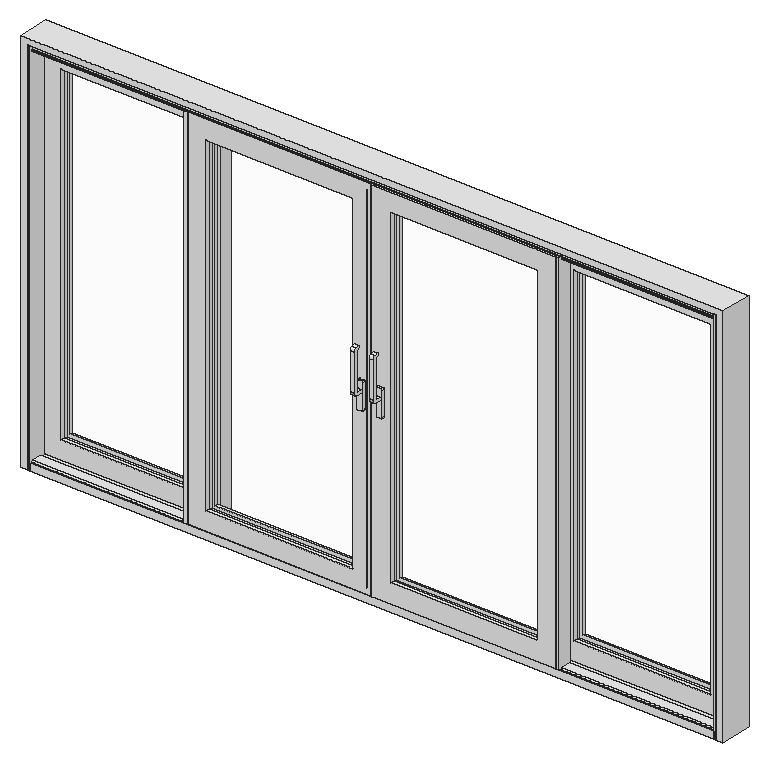
Revit family "heroal S 77 Sliding Door - 4-Parts - C", category Türen, Revit 2017
Family settings
  Basisbauteil = Wand
  OmniClass-Nummer = 23.30.10.00
  OmniClass-Titel = Doors
  Immer vertikal = Ja
  Beim Laden mit Abzugskörper schneiden = Nein
  Gemeinsam genutzt = Nein
  Raumberechnungspunkt = Ja
Parameters (values of type "4000x2200")
  Wind Load Resistance DIN EN 12210 = "C3/B3"
  Wall Thickness [instance] = 350 mm
  URL = "http://www.heroal.com"
  Tightness Against Driving Rain DIN EN 12208 = "9A"
  Soundproofing Class DIN EN ISO 717-1 = "1-3"
  Show Insulation in Detail Level Fine [instance] = yes
  Rough Width = Breite  # 4000 mm
  Rough Height = Height  # 2200 mm
  Reveal Top = 20 mm
  Reveal Right = 20 mm
  Reveal Left = 20 mm
  Profile View Width - Frame Profiles = "40 - 63mm"
  Profile View Width - Cross Bar Profiles = "74 - 104mm"
  Profile View Width - Casement Profiles = "94 - 104mm"
  Profile Installation Depth - Frame Profiles = "178/279mm"
  Profile Installation Depth - Cross Bar Profiles = "72mm"
  Profile Installation Depth - Casement Profiles = "77mm"
  Profile Area [instance] = (Breite - 20 mm) * (Height - 10 mm) - Glazing Area  # 2.6524 m²
  Modell = "heroal S 77"  # constant formula
  Max. Thickness Of Glass/Infill Panel = "52mm"
  Max. Casement Weight = "150 - 400kg"
  Max. Casement Leaf Height = "3000mm"
  Hersteller = "heroal"  # constant formula
  Leaf Width Center = Breite / 4 + 52.5 mm  # 1052.5 mm
  Leaf Width = Breite / 4  # 1000 mm
  Insert Depth [instance] = 125 mm
  Height = 2200 mm
  Wandabschluss = Nach Basisbauteil
  Breite = 4000 mm
  Heat Insulation [Uw in W/m2K] DIN EN ISO 10077-1 = "> 1,1 W/m²K"
  Heat Insulation [Uf in W/m2K]/Standard Profile View DIN EN ISO 10077 = "> 2,9 W/m²K"
  Heat Insulation [Uf in W/m2K] DIN EN ISO 10077 = "> 2,9 W/m²K"
  Glazing Area [instance] = (Breite - 778 mm) * (Height - 318 mm)  # 6.0638 m²
  Glass = heroal Glass
  Edition number = 1
  Door Interior [instance] = heroal Aluminium
  Door Exterior [instance] = heroal Aluminium
  Beschreibung = "heroal S 77 Sliding Systems"  # constant formula
  Copyright = "© heroal. Technical changes reserved."  # constant formula
  Clearance Width [instance] = Breite / 2 - 124 mm  # 1876 mm
  Clearance Height [instance] = Height - 161 mm  # 2039 mm
  Calculated U-Value (W/m²K) [instance] = ((Profile Area / 1.00 m² * 2.14 m²) + (Glazing Area / 1.00 m² * 0.70 m²) + (20.50 m² * 0.04)) / (Profile Area + Glazing Area)  # 1.2323
  Burglary Resistance DIN V ENV 1627 = "up to RC 2"
  Baugruppenkennzeichen = "B2030110"
  Analytische Konstruktion = "<None>"
  Air Permeability DIN EN 12207 = "4"
Reference planes
  plane 1 "Center (Front/Back)": y = 0
  plane 2 "Center (Left/Right)": x = 0
  plane 3 "Left": x = -2000
  plane 4 "Right": x = 2000
  plane 5 "Sill": z = 0
  plane 6 "Head": z = 2200
  plane 7 "Exterior": y = 175
  plane 8 "Interior": y = -175
  plane 9: x = -1980
  plane 10: x = 1980
  plane 11 "Frame Exterior": y = 50
  plane 12: z = 2180
  plane 13 "Center (Elevation)": z = 1100
  plane 14 "Top Frame": z = 2190
  plane 15: z = -200
  plane 16: x = -1841
  plane 17 "Glass 1": x = -1859
  plane 18 "Glass 2": x = -1044
  plane 19: x = -1062
  plane 20: x = -938
  plane 21 "Glass 3": x = -956
  plane 22: x = 1841
  plane 23 "Glass 4": x = 1859
  plane 24 "Glass Back 1": y = 35.5
  plane 25 "Glass Front 1": y = -4.5
  plane 26 "Glass Back 2": y = -65.5
  plane 27 "Glass Front 2": y = -105.5
  plane 28 "Glass Bottom": z = 130
  plane 29 "Glass Top": z = 2048
  plane 30 "Door Right": y = -51
  plane 31: x = 1935
  plane 32: x = -1935
  plane 33: x = 500
  plane 34 "Handle": x = 54
  plane 35 "Handlle Edge": y = -128
  plane 36: z = 1050
  plane 37: x = -1990
  plane 38: x = 1990
  plane 39: x = -1000
  plane 40: x = 1000
  plane 41: x = -1500
  plane 42: x = -500
  plane 43: x = 1500
  plane 44: y = 35.5
  plane 45: y = -4.5
  plane 46: y = -65.5
  plane 47: y = -105.5
  plane 48: y = -85.5
  plane 49: y = 15.5
  plane 50: y = -27
  plane 51: x = 956
  plane 52: x = 938
  plane 53: x = 1062
  plane 54: x = 1044
  plane 55: y = -128
  plane 56: x = -88.5
  plane 57: x = -106.5
  plane 58: x = 88.5
  plane 59: x = 106.5
  plane 60: y = -228
  plane 61: x = -54
  plane 62: x = -1451.5
  plane 63: x = 1451.5
  plane 64: x = 522.25
  plane 65: x = -522.25
Forms (mm)
  Extrusion 1, void
    sketch origin (0, 0, 0) x (1, 0, 0) y (0, 1, 0)
      loop
        line (-2000, -675) -> (2000, -675) -> (2000, 50) -> (-2000, 50) -> (-2000, -675)
    from -200 to 2200
  Extrusion 2, void
    sketch origin (0, 0, 0) x (1, 0, 0) y (0, 1, 0)
      loop
        line (-1980, 675) -> (-1980, 50) -> (1980, 50) -> (1980, 675) -> (-1980, 675)
    from 0 to 2180
  Sweep 3, solid, material "heroal Aluminium" <- "Door Interior"
    path origin (0, 50, 0) x (-1, 0, 0) y (0, 0, 1)
      loop
        line (-2000, 0) -> (-2000, 2190)
    profile "heroal_Profile_Frame : heroal_Profile_Frame" origin (2000, 50, 1095) x (1, 0, 0) y (0, 1, 0)
      loop
        line (-10, 0) -> (-50, 0) -> (-50, -178) -> (-10, -178) -> (-10, 0)
  Sweep 4, solid, material "heroal Aluminium"
    path origin (0, 0, 0) x (0, -1, 0) y (1, 0, 0)
      loop
        line (-50, -1935) -> (-50, 1935)
    profile "heroal_Profile_Bottom : heroal_Profile_Bottom" origin (0, 50, 0) x (0, 1, 0) y (0, 0, 1)
      loop
        line (0, 32.99) -> (-95, 38.8) -> (-109.002, 38.8) -> (-109.002, 44.004) -> (-111.912, 52) -> (-167.088, 52) -> (-169.955, 44.124) -> (-169.955, 39) -> (-178, 39) -> (-178, 0) -> (0, 0) -> (0, 32.99)
  Sweep 5, solid, material "heroal Aluminium" <- "Door Interior"
    path origin (0, 50, 0) x (-1, 0, 0) y (0, 0, 1)
      loop
        line (2000, 2155) -> (2000, 0)
    profile "heroal_Profile_Sided_Cover : heroal_Profile_Sided_Cover" origin (-2000, 50, 1077.5) x (-1, 0, 0) y (0, 1, 0)
      loop
        line (-65, -81) -> (-65, -178) -> (-50, -178) -> (-50, -81) -> (-65, -81)
  Sweep 6, solid, material "heroal Aluminium" <- "Door Interior"
    path origin (0, 50, 0) x (1, 0, 0) y (0, 0, 1)
      loop
        line (2000, 2155) -> (2000, 0)
    profile "heroal_Profile_Sided_Cover : heroal_Profile_Sided_Cover" origin (2000, 50, 1077.5) x (-1, 0, 0) y (0, 1, 0)
      loop
        line (65, -81) -> (50, -81) -> (50, -178) -> (65, -178) -> (65, -81)
  Sweep 7, solid, material "heroal Aluminium" <- "Door Exterior"
    path origin (0, 50, 0) x (-1, 0, 0) y (0, 0, 1)
      loop
        line (-938, 2200) -> (938, 2200)
    profile "heroal_Profile_Top_Cover : heroal_Profile_Top_Cover" origin (0, 50, 2200) x (0, 0, 1) y (0, 1, 0)
      loop
        line (-61, 0) -> (-109, 0) -> (-109, -95.1) -> (-50, -95.1) -> (-50, -15.3) -> (-61, -15.3) -> (-61, 0)
  Sweep 8, solid, material "heroal Aluminium" <- "Door Interior"
    path origin (0, 50, 0) x (1, 0, 0) y (0, 0, 1)
      loop
        line (-2000, 0) -> (-2000, 2190)
    profile "heroal_Profile_Frame : heroal_Profile_Frame" origin (-2000, 50, 1095) x (1, 0, 0) y (0, 1, 0)
      loop
        line (10, 0) -> (10, -178) -> (50, -178) -> (50, 0) -> (10, 0)
  Sweep 9, solid, material "heroal Aluminium" <- "Door Interior"
    path origin (0, 50, 0) x (-1, 0, 0) y (0, 0, 1)
      loop
        line (-1990, 2200) -> (1990, 2200)
    profile "heroal_Profile_Frame_Top : heroal_Profile_Frame_Top" origin (0, 50, 2200) x (0, 0, 1) y (0, 1, 0)
      loop
        line (-10, -178) -> (-10, 0) -> (-45, 0) -> (-45, -15.3) -> (-64.279, -15.3) -> (-68.168, -8.564) -> (-73, -7.712) -> (-73, -54) -> (-43.2, -54) -> (-43.2, -52.5) -> (-42, -52.5) -> (-37, -55.387) -> (-37, -122.613) -> (-42, -125.5) -> (-43.2, -125.5) -> (-43.2, -123.999) -> (-73, -124) -> (-73, -170.288) -> (-68.168, -169.436) -> (-64.279, -162.7) -> (-45, -162.7) -> (-45, -178) -> (-10, -178)
Cuts and joins
  joined: Sweep 3, Sweep 8, Sweep 9
Lines and regions (mm)
  Masking region 1
    outline origin (0, 0, 0) x (0, -1, 0) y (1, 0, 0)
      loop
        line (-35.5, -1859) -> (4.5, -1859) -> (4.5, -1044) -> (-35.5, -1044) -> (-35.5, -1859)
      loop
        line (-35.5, 1859) -> (-35.5, 1044) -> (4.5, 1044) -> (4.5, 1859) -> (-35.5, 1859)
      loop
        line (65.5, -956) -> (105.5, -956) -> (105.5, -88.5) -> (65.5, -88.5) -> (65.5, -956)
      loop
        line (65.5, 956) -> (65.5, 88.5) -> (105.5, 88.5) -> (105.5, 956) -> (65.5, 956)
  Masking region 2
    outline origin (0, 0, 0) x (0, -1, 0) y (1, 0, 0)
      loop
        line (27, -1935) -> (128, -1935) -> (128, -1062) -> (27, -1062) -> (27, -1935)
      loop
        line (27, 1935) -> (27, 1062) -> (128, 1062) -> (128, 1935) -> (27, 1935)
      loop
        line (-50, -938) -> (51, -938) -> (51, 938) -> (-50, 938) -> (-50, -938)
  symbolic lines, detail levels medium+fine
    curve 1: line (1044, 15.5, 0) -> (1859, 15.5, 0)
    curve 2: line (-1044, 15.5, 0) -> (-1859, 15.5, 0)
    curve 5: line (-88.5, -85.5, 0) -> (-956, -85.5, 0)
    curve 6: line (88.5, -85.5, 0) -> (956, -85.5, 0)
  symbolic lines
    curve 3: line (-938, -128, 0) -> (938, -128, 0)
    curve 4: line (-1062, 50, 0) -> (-1841, 50, 0)
    curve 7: line (1062, 50, 0) -> (1841, 50, 0)
Text (mm)
  text "EXTERIOR" at (-1963.203, 1332.353, 0), in view "Ref. Level"
  text "INTERIOR" at (-1981.466, -818.386, 0), in view "Ref. Level"
  text "Exterior" at (0, 923.751, 2943.296), in view "Right"
  text "Exterior" at (0, 1040.484, 2685.409), in view "Left"
Dimensions and locks
  equal spacing: plane 3 "Left", plane 2 "Center (Left/Right)", plane 4 "Right"
  "Breite": plane 3 "Left" to plane 4 "Right"
  "Height": plane 5 "Sill" to plane 6 "Head"
  locked: plane 7 "Exterior" to host wall at 0
  locked: plane 8 "Interior" to host wall
  "Insert Depth": plane 11 "Frame Exterior" to plane 7 "Exterior"
  "Reveal Top": plane 12 to plane 6 "Head"
  Extrusion 1 sketch curve to plane 8 "Interior" = 500 mm
  locked: plane 7 "Exterior" to Extrusion 2 sketch curve at 500
  "Reveal Left": plane 3 "Left" to plane 9
  "Reveal Right": plane 10 to plane 4 "Right"
  locked: plane 14 "Top Frame" to plane 6 "Head" at 10
  equal spacing: plane 5 "Sill", plane 13 "Center (Elevation)", plane 6 "Head"
  "Wall Thickness": host wall to host wall
  plane 15 to plane 5 "Sill" = 200 mm
  plane 22 to plane 23 "Glass 4" to plane 4 "Right" = 18 mm locked, 141 mm locked
  plane 3 "Left" to plane 17 "Glass 1" to plane 16 = 141 mm locked, 18 mm locked
  locked: plane 29 "Glass Top" to plane 6 "Head" at 152
  locked: plane 3 "Left" to plane 32 at 65
  locked: plane 31 to plane 4 "Right" at 65
  plane 29 "Glass Top" to plane 28 "Glass Bottom" = 1918 mm
  plane 5 "Sill" to plane 28 "Glass Bottom" = 130 mm
  locked: plane 36 to plane 5 "Sill" at 1050
  locked: plane 3 "Left" to plane 37 at 10
  locked: plane 38 to plane 4 "Right" at 10
  equal spacing: plane 3 "Left", plane 39, plane 2 "Center (Left/Right)"
  equal spacing: plane 2 "Center (Left/Right)", plane 40, plane 4 "Right"
  equal spacing: plane 3 "Left", plane 41, plane 39
  equal spacing: plane 39, plane 42, plane 2 "Center (Left/Right)"
  equal spacing: plane 2 "Center (Left/Right)", plane 33, plane 40
  equal spacing: plane 40, plane 43, plane 4 "Right"
  plane 11 "Frame Exterior" to plane 44 to plane 49 to plane 45 to plane 50 to plane 30 "Door Right" to plane 46 to plane 26 "Glass Back 2" to plane 48 to plane 47 to plane 27 "Glass Front 2" to plane 55 to plane 60 = 14.5 mm locked, 20 mm locked, 20 mm locked, 22.5 mm locked, 24 mm locked, 14.5 mm locked, 0 mm locked, 20 mm locked, 20 mm locked, 0 mm locked, 22.5 mm locked, 100 mm locked
  plane 19 to plane 18 "Glass 2" to plane 39 to plane 21 "Glass 3" to plane 20 = 18 mm locked, 44 mm locked, 44 mm locked, 18 mm locked
  plane 52 to plane 51 to plane 40 to plane 54 to plane 53 = 18 mm locked, 44 mm locked, 44 mm locked, 18 mm locked
  plane 57 to plane 56 to plane 2 "Center (Left/Right)" to plane 58 to plane 59 = 18 mm locked, 88.5 mm locked, 88.5 mm locked, 18 mm locked
  locked: plane 41 to plane 62 at 48.5
  locked: plane 63 to plane 43 at 48.5
  locked: plane 33 to plane 64 at 22.25
  locked: plane 65 to plane 42 at 22.25
  aligned and locked: Extrusion 1 sketch curve to plane 3 "Left"
  aligned and locked: plane 4 "Right" to Extrusion 1 sketch curve
  aligned and locked: Extrusion 1 sketch curve to plane 11 "Frame Exterior"
  aligned: Extrusion 1 to plane 12
  aligned and locked: plane 11 "Frame Exterior" to Extrusion 2 sketch curve
  aligned and locked: plane 9 to Extrusion 2 sketch curve
  aligned and locked: Extrusion 2 sketch curve to plane 10
  aligned and locked: Extrusion 2 to plane 12
  aligned and locked: plane 5 "Sill" to Extrusion 2
  aligned and locked: Extrusion 1 to plane 6 "Head"
  aligned and locked: nested 1 to plane 11 "Frame Exterior"
  aligned and locked: nested 1 to plane 3 "Left"
  aligned and locked: plane 4 "Right" to Sweep 3 sketch curve
  aligned and locked: plane 11 "Frame Exterior" to nested 2
  aligned and locked: plane 11 "Frame Exterior" to Sweep 4 sketch curve
  aligned and locked: plane 32 to Sweep 4 sketch curve
  aligned and locked: plane 31 to Sweep 4 sketch curve
  aligned and locked: plane 5 "Sill" to Sweep 5 sketch curve
  aligned and locked: plane 3 "Left" to Sweep 5 sketch curve
  aligned and locked: plane 32 to Masking region 2 sketch curve
  aligned and locked: Masking region 2 sketch curve to plane 19
  aligned and locked: plane 6 "Head" to Sweep 7 sketch curve
  aligned and locked: plane 34 "Handle" to nested 3
  aligned and locked: plane 36 to nested 3
  aligned and locked: plane 5 "Sill" to Sweep 3 sketch curve
  aligned and locked: plane 5 "Sill" to Sweep 8 sketch curve
  aligned and locked: plane 14 "Top Frame" to Sweep 8 sketch curve
  aligned and locked: plane 14 "Top Frame" to Sweep 3 sketch curve
  aligned and locked: plane 37 to Sweep 9 sketch curve
  aligned and locked: plane 38 to Sweep 9 sketch curve
  aligned and locked: plane 6 "Head" to Sweep 9 sketch curve
  aligned and locked: nested 5 to plane 11 "Frame Exterior"
  aligned and locked: plane 6 "Head" to nested 5
  aligned and locked: nested 6 to plane 4 "Right"
  aligned and locked: plane 11 "Frame Exterior" to nested 6
  aligned and locked: Masking region 1 sketch curve to plane 44
  aligned and locked: plane 45 to Masking region 1 sketch curve
  aligned and locked: curve 1 to plane 49
  aligned and locked: plane 49 to curve 2
  aligned and locked: nested 2 to plane 39
  aligned and locked: nested 7 to plane 11 "Frame Exterior"
  aligned and locked: nested 7 to plane 40
  aligned and locked: nested 7 to curve 1
  aligned and locked: Masking region 1 sketch curve to plane 54
  aligned and locked: Masking region 1 sketch curve to plane 23 "Glass 4"
  aligned and locked: plane 44 to Masking region 1 sketch curve
  aligned and locked: Masking region 1 sketch curve to plane 45
  aligned and locked: Masking region 2 sketch curve to plane 53
  aligned and locked: plane 31 to Masking region 2 sketch curve
  aligned and locked: plane 50 to Masking region 2 sketch curve
  aligned and locked: Sweep 4 to curve 3
  aligned and locked: plane 20 to curve 3
  aligned and locked: plane 52 to curve 3
  aligned and locked: Masking region 2 sketch curve to plane 55
  aligned and locked: plane 55 to Masking region 2 sketch curve
  aligned and locked: plane 2 "Center (Left/Right)" to nested 8
  aligned and locked: plane 2 "Center (Left/Right)" to nested 9
  aligned and locked: plane 30 "Door Right" to nested 8
  aligned and locked: nested 9 to plane 30 "Door Right"
  aligned and locked: plane 21 "Glass 3" to Masking region 1 sketch curve
  aligned and locked: Masking region 1 sketch curve to plane 56
  aligned and locked: plane 58 to Masking region 1 sketch curve
  aligned and locked: plane 51 to Masking region 1 sketch curve
  aligned and locked: plane 26 "Glass Back 2" to Masking region 1 sketch curve
  aligned and locked: Masking region 1 sketch curve to plane 27 "Glass Front 2"
  aligned and locked: Masking region 1 sketch curve to plane 26 "Glass Back 2"
  aligned and locked: plane 27 "Glass Front 2" to Masking region 1 sketch curve
  aligned and locked: plane 56 to curve 5
  aligned and locked: plane 21 "Glass 3" to curve 5
  aligned and locked: plane 51 to curve 6
  aligned and locked: plane 58 to curve 6
  aligned and locked: plane 20 to Masking region 2 sketch curve
  aligned and locked: Masking region 2 sketch curve to plane 52
  aligned and locked: plane 30 "Door Right" to Masking region 2 sketch curve
  aligned and locked: Masking region 2 sketch curve to plane 11 "Frame Exterior"
  aligned and locked: nested 10 to plane 61
  aligned and locked: plane 36 to nested 10
  aligned and locked: nested 4 to plane 62
  aligned and locked: plane 11 "Frame Exterior" to nested 4
  aligned and locked: nested 11 to plane 63
  aligned and locked: nested 11 to plane 11 "Frame Exterior"
  aligned and locked: plane 65 to nested 13
  aligned and locked: plane 64 to nested 12
  aligned and locked: plane 30 "Door Right" to nested 12
  aligned and locked: nested 13 to plane 30 "Door Right"
  aligned and locked: nested 3 to plane 55
  aligned and locked: nested 10 to plane 55
  aligned and locked: plane 42 to nested 15
  aligned and locked: nested 14 to plane 33
  aligned and locked: nested 14 to plane 60
  aligned and locked: plane 60 to nested 15
  aligned and locked: plane 42 to nested 17
  aligned and locked: plane 13 "Center (Elevation)" to nested 17
  aligned and locked: nested 16 to plane 13 "Center (Elevation)"
  aligned and locked: nested 16 to plane 33
  aligned and locked: plane 20 to Sweep 7 sketch curve
  aligned and locked: plane 52 to Sweep 7 sketch curve
  aligned and locked: cut or joined group of Sweep 3, Sweep 8, Sweep 9 to Sweep 6 sketch curve
  aligned and locked: Sweep 5 sketch curve to cut or joined group of Sweep 3, Sweep 8, Sweep 9
Automatic sketch dimensions
  plane 3 "Left" to Sweep 8 sketch curve = 0 mm
  Masking region 1 sketch curve to plane 17 "Glass 1" = 0 mm
  Masking region 1 sketch curve to plane 18 "Glass 2" = 0 mm
  Masking region 2 sketch curve to plane 50 = 0 mm
  Sweep 6 sketch curve to level = 0 mm
  plane 4 "Right" to Sweep 6 sketch curve = 0 mm
  curve 7 to plane 22 = 0 mm
  curve 4 to plane 16 = 0 mm
  curve 7 to plane 11 "Frame Exterior" = 0 mm
  curve 4 to plane 11 "Frame Exterior" = 0 mm
  curve 5 to plane 48 = 0 mm
  curve 6 to plane 48 = 0 mm
  curve 2 to plane 17 "Glass 1" = 0 mm
  curve 4 to plane 19 = 0 mm
  curve 2 to plane 18 "Glass 2" = 0 mm
  curve 1 to plane 23 "Glass 4" = 0 mm
  plane 11 "Frame Exterior" to curve 4 = 0 mm
  plane 11 "Frame Exterior" to curve 7 = 0 mm
  curve 7 to plane 53 = 0 mm
Nested families
  nested 1: "heroal_Detail_Frame_Left" at (-2000, 50, 0), type "heroal_Detail_Frame_Left"
  nested 2: "heroal_Detail_Frame_Center" at (-1000, 50, 0) x (1, 0, 0) z (0, 0, -1), type "heroal_Detail_Frame_Center"
  nested 3: "heroal_Handle" at (54, -128, 1050), type "heroal_Handle"
  nested 4: "Leaf" at (-1403, -27, 0) x (-1, 0, 0) z (0, 0, 1), Breite <- "Leaf Width", Height <- "Height", Door Exterior <- "Door Exterior", Door Interior <- "Door Interior", Glass <- "Glass", Show Insulation <- "Show Insulation in Detail Level Fine", type "Leaf"
    with Breite 1000 mm, Show Insulation yes, Interior no, Height 2200 mm, Glass heroal Glass, Fixed Glazing yes, Exterior yes, Door Interior heroal Aluminium, Door Exterior heroal Aluminium, Door no
  nested 5: "heroal_Detail_Frame_Top" at (0, 50, 2200) x (0, -1, 0) z (-1, 0, 0), type "heroal_Detail_Frame_Top"
  nested 6: "heroal_Detail_Frame_Left" at (2000, 50, 0) x (-1, 0, 0) z (0, 0, 1), type "heroal_Detail_Frame_Left"
  nested 7: "heroal_Detail_Frame_Center" at (1000, 50, 0) x (-1, 0, 0) z (0, 0, -1), type "heroal_Detail_Frame_Center"
  nested 8: "heroal_Detail_Frame_Leaf" at (-54.5, -51, 0) x (1, 0, 0) z (0, 0, -1), type "heroal_Detail_Frame_Leaf"
  nested 9: "heroal_Detail_Frame_Leaf" at (54.5, -51, 0) x (-1, 0, 0) z (0, 0, -1), type "heroal_Detail_Frame_Leaf"
  nested 10: "heroal_Handle" at (-54, -128, 1050), type "heroal_Handle"
  nested 11: "Leaf" at (1403, -27, 0), Breite <- "Leaf Width", Height <- "Height", Door Exterior <- "Door Exterior", Door Interior <- "Door Interior", Glass <- "Glass", Show Insulation <- "Show Insulation in Detail Level Fine", type "Leaf"
    with Breite 1000 mm, Show Insulation yes, Interior no, Height 2200 mm, Glass heroal Glass, Fixed Glazing yes, Exterior yes, Door Interior heroal Aluminium, Door Exterior heroal Aluminium, Door no
  nested 12: "Leaf" at (570.75, -128, 0) x (-1, 0, 0) z (0, 0, 1), Breite <- "Leaf Width Center", Height <- "Height", Door Exterior <- "Door Exterior", Door Interior <- "Door Interior", Glass <- "Glass", Show Insulation <- "Show Insulation in Detail Level Fine", type "Leaf"
    with Breite 1052.5 mm, Show Insulation yes, Interior yes, Height 2200 mm, Glass heroal Glass, Fixed Glazing no, Exterior no, Door Interior heroal Aluminium, Door Exterior heroal Aluminium, Door yes
  nested 13: "Leaf" at (-570.75, -128, 0), Breite <- "Leaf Width Center", Height <- "Height", Door Exterior <- "Door Exterior", Door Interior <- "Door Interior", Glass <- "Glass", Show Insulation <- "Show Insulation in Detail Level Fine", type "Leaf"
    with Breite 1052.5 mm, Show Insulation yes, Interior yes, Height 2200 mm, Glass heroal Glass, Fixed Glazing no, Exterior no, Door Interior heroal Aluminium, Door Exterior heroal Aluminium, Door yes
  nested 14: "heroal_Detail_Arrow" at (500, -228, 0) x (-1, 0, 0) z (0, 0, -1), type "heroal_Detail_Arrow"
    with Fixed no, Arrow yes
  nested 15: "heroal_Detail_Arrow" at (-500, -228, 0) x (1, 0, 0) z (0, 0, -1), type "heroal_Detail_Arrow"
    with Fixed no, Arrow yes
  nested 16: "heroal_Detail_Arrow" at (500, 50, 1100) x (-1, 0, 0) z (0, 1, 0), type "heroal_Detail_Arrow"
    with Fixed no, Arrow yes
  nested 17: "heroal_Detail_Arrow" at (-500, 50, 1100) x (1, 0, 0) z (0, 1, 0), type "heroal_Detail_Arrow"
    with Fixed no, Arrow yes
Definition of nested family "heroal_Handle"
  Parameters (values of type "heroal_Handle")
    Assembly Code = ""
  Reference planes
    plane 1 "Center (Front/Back)": y = 0
    plane 2: z = 0
    plane 3 "Center (Left/Right)": x = 0
    plane 4 "Back": y = 77
  Forms (mm)
    Sweep 1, solid
      path origin (0, 0, 0) x (0, 1, 0) y (0, 0, -1)
        loop
          line (-6.292, -24.205) -> (-52.748, -28.27)
          arc (-52.748, -28.27) -> (-59.25, -31.476) -> (-61.877, -38.232) r 10
          line (-61.877, -38.232) -> (-61.877, -245.611)
          arc (-61.877, -245.611) -> (-59.81, -251.699) -> (-54.465, -255.271) r 10
          line (-54.465, -255.271) -> (-37.933, -259.7)
      profile origin (0, -46.199, 257.486) x (0, 0.258819, -0.965926) y (-1, 0, 0)
        loop
          line (7.5, -11.552) -> (7.5, 11.552) -> (-7.5, 11.552) -> (-7.5, -11.552) -> (7.5, -11.552)
    Extrusion 2, solid
      sketch origin (-132.182, 0, 0) x (1, 0, 0) y (0, 0, 1)
        loop
          arc (143.932, -76) -> (147.467, -74.536) -> (148.932, -71) r 5
          line (148.932, -71) -> (148.932, 71)
          arc (148.932, 71) -> (147.467, 74.536) -> (143.932, 76) r 5
          line (143.932, 76) -> (120.432, 76)
          arc (120.432, 76) -> (116.896, 74.536) -> (115.432, 71) r 5
          line (115.432, 71) -> (115.432, -71)
          arc (115.432, -71) -> (116.896, -74.536) -> (120.432, -76) r 5
          line (120.432, -76) -> (143.932, -76)
      from 0 to 14
    Extrusion 3, solid, detail levels medium+fine
      sketch origin (0, 77, 24.491) x (-1, 0, 0) y (0, 0, 1)
        loop
          arc (21, 50) -> (19.536, 53.536) -> (16, 55) r 5
          line (16, 55) -> (-16, 55)
          arc (-16, 55) -> (-19.536, 53.536) -> (-21, 50) r 5
          line (-21, 50) -> (-21, -98.983)
          arc (-21, -98.983) -> (-19.536, -102.518) -> (-16, -103.983) r 5
          line (-16, -103.983) -> (16, -103.983)
          arc (16, -103.983) -> (19.536, -102.518) -> (21, -98.983) r 5
          line (21, -98.983) -> (21, 50)
        loop
          line (-6.5, -37.457) -> (6.5, -37.457)
          arc (6.5, -37.457) -> (11.066, -35.566) -> (12.957, -31) r 6.457
          line (12.957, -31) -> (12.957, 31)
          arc (12.957, 31) -> (11.066, 35.566) -> (6.5, 37.457) r 6.457
          line (6.5, 37.457) -> (-6.5, 37.457)
          arc (-6.5, 37.457) -> (-11.066, 35.566) -> (-12.957, 31) r 6.457
          line (-12.957, 31) -> (-12.957, -31)
          arc (-12.957, -31) -> (-11.066, -35.566) -> (-6.5, -37.457) r 6.457
      from 0 to 3
    Extrusion 4, solid, detail levels medium+fine
      sketch origin (0, 77, 24.491) x (-1, 0, 0) y (0, 0, 1)
        loop
          line (-6.5, -37.457) -> (6.5, -37.457)
          arc (6.5, -37.457) -> (11.066, -35.566) -> (12.957, -31) r 6.457
          line (12.957, -31) -> (12.957, 31)
          arc (12.957, 31) -> (11.066, 35.566) -> (6.5, 37.457) r 6.457
          line (6.5, 37.457) -> (-6.5, 37.457)
          arc (-6.5, 37.457) -> (-11.066, 35.566) -> (-12.957, 31) r 6.457
          line (-12.957, 31) -> (-12.957, -31)
          arc (-12.957, -31) -> (-11.066, -35.566) -> (-6.5, -37.457) r 6.457
      from 0 to 1.5
  Cuts and joins
    joined: Sweep 1, Extrusion 2
  Lines and regions (mm)
    Masking region 1, detail levels medium+fine
      outline origin (-0.75, 0, 0) x (1, 0, 0) y (0, 1, 0)
        loop
          line (17.5, 0) -> (-16, 0) -> (-16, -14) -> (17.5, -14) -> (17.5, 0)
    Masking region 2, detail levels medium+fine
      outline origin (4.448, -14, 0) x (1, 0, 0) y (0, 1, 0)
        loop
          line (7.105, 0) -> (-16, 0) -> (-16, -50.352)
          arc (-16, -50.352) -> (-14.536, -53.887) -> (-11, -55.352) r 5
          line (-11, -55.352) -> (2.105, -55.352)
          arc (2.105, -55.352) -> (5.64, -53.887) -> (7.105, -50.352) r 5
          line (7.105, -50.352) -> (7.105, 0)
    symbolic lines, detail levels medium+fine
      curve 1: line (11.552, -39.875, 0) -> (-11.552, -39.875, 0)
      curve 2: line (11.552, -35.992, 0) -> (-11.552, -35.992, 0)
  Dimensions and locks
    aligned and locked: level to plane 2
Definition of nested family "Leaf"
  Parameters (values of type "Leaf")
    Width [instance] = 1500 mm
    Show Insulation [instance] = no
    Interior [instance] = yes
    Height [instance] = 2200 mm
    Glass [instance] = none
    Fixed Glazing [instance] = not(Door)  # yes
    Exterior [instance] = yes
    Door Interior [instance] = none
    Door Exterior [instance] = none
    Door [instance] = no
    Assembly Code = ""
    Analytic Construction = "<None>"
  Reference planes
    plane 1 "Back": y = 0
    plane 2 "Bottom": z = 0
    plane 3 "Center (Left/Right)": x = 0
    plane 4 "Left": x = -750
    plane 5 "Right": x = 750
    plane 6: z = 2200
    plane 7: z = 130
    plane 8: z = 2048
    plane 9: x = -609
    plane 10: x = 706
    plane 11: x = 48.5
    plane 12: z = -22
    plane 13: z = 44
    plane 14: z = 2134
    plane 15: y = -77
  Forms (mm)
    Sweep 1, solid, material <- "Door Interior"
      path origin (0, 0, 0) x (1, 0, 0) y (0, 0, 1)
        loop
          line (-609, 2048) -> (-609, 130) -> (706, 130) -> (706, 2048) -> (-609, 2048)
      profile "heroal_Profile_Leaf : heroal_Profile_Leaf" origin (-609, 0, 1089) x (1, 0, 0) y (0, -1, 0)
        loop
          line (-86, 77) -> (-86, 72.5) -> (-58, 72.5) -> (-58, 4.5) -> (-86, 4.5) -> (-86, 0) -> (18, 0) -> (18, 22.5) -> (0, 22.5) -> (0, 62.5) -> (18, 62.5) -> (18, 77) -> (-86, 77)
    Extrusion 2, solid, material <- "Glass"
      sketch origin (0, 0, 0) x (1, 0, 0) y (0, 0, 1)
        loop
          line (-609, 2048) -> (-609, 130) -> (706, 130) -> (706, 2048) -> (-609, 2048)
      from 22.5 to 62.5
    Extrusion 3, solid, material <- "Door Exterior", visible <- "Exterior"
      sketch origin (97, 0, 0) x (-1, 0, 0) y (0, -1, 0)
        loop
          line (792, 0) -> (812, 0) -> (812, 77) -> (792, 77) -> (792, 0)
      from 44 to 2134
    Extrusion 4, solid, material <- "Door Interior", visible <- "Interior"
      sketch origin (97, 0, 0) x (-1, 0, 0) y (0, -1, 0)
        loop
          line (792, 0) -> (812, 0) -> (812, 77) -> (792, 77) -> (792, 0)
      from 44 to 2134
  Lines and regions (mm)
    symbolic lines, detail levels medium+fine
      curve 1: line (0, -42.5, 2048) -> (0, -42.5, 130)
  Dimensions and locks
    equal spacing: plane 4 "Left", plane 3 "Center (Left/Right)", plane 5 "Right"
    "Width": plane 4 "Left" to plane 5 "Right"
    "Height": plane 6 to plane 2 "Bottom"
    locked: plane 7 to plane 2 "Bottom" at 130
    locked: plane 6 to plane 8 at 152
    locked: plane 4 "Left" to plane 9 at 141
    locked: plane 10 to plane 5 "Right" at 44
    locked: plane 3 "Center (Left/Right)" to plane 11 at 48.5
    locked: plane 2 "Bottom" to plane 12 at 22
    locked: plane 13 to plane 12 at 66
    locked: plane 6 to plane 14 at 66
    locked: plane 1 "Back" to plane 15 at 77
    aligned and locked: level to plane 2 "Bottom"
    aligned and locked: Sweep 1 sketch curve to plane 9
    aligned and locked: Sweep 1 sketch curve to plane 8
    aligned and locked: Sweep 1 sketch curve to plane 10
    aligned and locked: Sweep 1 sketch curve to plane 7
    aligned and locked: Extrusion 2 sketch curve to plane 8
    aligned and locked: plane 9 to Extrusion 2 sketch curve
    aligned and locked: plane 7 to Extrusion 2 sketch curve
    aligned and locked: nested 1 to plane 6
    aligned and locked: nested 1 to plane 1 "Back"
    aligned and locked: nested 2 to plane 6
    aligned and locked: nested 2 to plane 1 "Back"
    aligned and locked: plane 13 to Extrusion 3
    aligned and locked: Extrusion 3 to plane 14
    aligned and locked: nested 3 to plane 2 "Bottom"
    aligned and locked: plane 1 "Back" to nested 3
    aligned and locked: plane 15 to nested 4
    aligned and locked: plane 13 to Extrusion 4
    aligned and locked: Extrusion 4 to plane 14
  Automatic sketch dimensions
    curve 1 to plane 7 = 0 mm
    curve 1 to plane 8 = 0 mm
    curve 1 to plane 15 = 34.5 mm
    Extrusion 2 sketch curve to plane 10 = 0 mm
    plane 15 to Extrusion 3 sketch curve = 0 mm
    Extrusion 3 sketch curve to plane 4 "Left" = 55 mm
    Extrusion 3 sketch curve to Extrusion 3 sketch curve = 20 mm
    Extrusion 3 sketch curve to plane 1 "Back" = 0 mm
    plane 15 to Extrusion 4 sketch curve = 0 mm
    Extrusion 4 sketch curve to plane 4 "Left" = 55 mm
    Extrusion 4 sketch curve to plane 4 "Left" = 35 mm
    Extrusion 4 sketch curve to plane 1 "Back" = 0 mm
  Nested families
    nested 1: "heroal_Detail_Frame_Top" at (0, -178, 2200) x (0, 1, 0) z (1, 0, 0), visible <- "Door", type "heroal_Detail_Frame_Top"
    nested 2: "heroal_Detail_Frame_Top_Fixed" at (0, -178, 2200) x (0, 1, 0) z (1, 0, 0), visible <- "Fixed Glazing", type "heroal_Detail_Frame_Top_Fixed"
    nested 3: "heroal_Detail_Frame_Bottom" at (0, -178, 0) x (0, 1, 0) z (1, 0, 0), visible <- "Door", type "heroal_Detail_Frame_Bottom"
    nested 4: "heroal_Detail_Frame_Bottom_Fixed" at (0, 101, 0) x (0, -1, 0) z (1, 0, 0), visible <- "Fixed Glazing", type "heroal_Detail_Frame_Bottom_Fixed"
  Definition of nested family "heroal_Detail_Frame_Top"
    Parameters (values of type "heroal_Detail_Frame_Top")
      Show Insulation = no
      Assembly Code = ""
    Reference planes
      plane 1 "Center (Front/Back)": y = 0
      plane 2: z = 0
      plane 3 "Center (Left/Right)": x = 0
      plane 4: x = 178
    Lines and regions (mm)
      Filled region 1, type "heroal_Insulation", in view "Ref. Level", visible <- "Show Insulation", detail levels fine
        outline origin (781.247, -167.37, 0) x (1, 0, 0) y (0, 1, 0)
          loop
            line (-652.878, 30.672) -> (-642.462, 30.672) -> (-642.444, 32.314) -> (-641.261, 34.363) -> (-639.247, 35.609) -> (-639.247, 43.97) -> (-647.547, 43.969) -> (-647.547, 63.87) -> (-649.261, 65.115) -> (-650.447, 67.438) -> (-650.461, 68.77) -> (-652.878, 68.77) -> (-654.322, 67.07) -> (-656.054, 66.07) -> (-660.44, 66.07) -> (-662.172, 67.07) -> (-663.616, 68.77) -> (-666.033, 68.77) -> (-666.047, 67.438) -> (-667.233, 65.115) -> (-669.247, 63.87) -> (-669.247, 35.569) -> (-667.233, 34.324) -> (-666.05, 32.274) -> (-666.033, 30.672) -> (-663.616, 30.672) -> (-662.923, 31.072) -> (-662.172, 32.372) -> (-661.44, 33.104) -> (-660.44, 33.372) -> (-656.054, 33.372) -> (-655.054, 33.104) -> (-654.322, 32.372) -> (-653.571, 31.072) -> (-652.878, 30.672)
          loop
            line (-678.247, 73.37) -> (-605.247, 73.37) -> (-605.247, 77.17) -> (-608.947, 77.17) -> (-608.947, 84.37) -> (-674.547, 84.37) -> (-674.547, 77.17) -> (-678.247, 77.17) -> (-678.247, 73.37)
  Definition of nested family "heroal_Detail_Frame_Top_Fixed"
    Parameters (values of type "heroal_Detail_Frame_Top_Fixed")
      Show Insulation = no
      Assembly Code = ""
    Reference planes
      plane 1 "Center (Front/Back)": y = 0
      plane 2: z = 0
      plane 3 "Center (Left/Right)": x = 0
      plane 4: x = 178
    Lines and regions (mm)
      Filled region 1, type "heroal_Insulation", in view "Ref. Level", visible <- "Show Insulation", detail levels fine
        outline origin (781.247, -167.37, 0) x (1, 0, 0) y (0, 1, 0)
          loop
            line (-652.878, 30.672) -> (-642.462, 30.672) -> (-642.444, 32.314) -> (-641.261, 34.363) -> (-639.247, 35.609) -> (-639.247, 43.97) -> (-647.547, 43.969) -> (-647.547, 63.87) -> (-649.261, 65.115) -> (-650.447, 67.438) -> (-650.461, 68.77) -> (-652.878, 68.77) -> (-654.322, 67.07) -> (-656.054, 66.07) -> (-660.44, 66.07) -> (-662.172, 67.07) -> (-663.616, 68.77) -> (-666.033, 68.77) -> (-666.047, 67.438) -> (-667.233, 65.115) -> (-669.247, 63.87) -> (-669.247, 35.569) -> (-667.233, 34.324) -> (-666.05, 32.274) -> (-666.033, 30.672) -> (-663.616, 30.672) -> (-662.923, 31.072) -> (-662.172, 32.372) -> (-661.44, 33.104) -> (-660.44, 33.372) -> (-656.054, 33.372) -> (-655.054, 33.104) -> (-654.322, 32.372) -> (-653.571, 31.072) -> (-652.878, 30.672)
          loop
            line (-678.247, 73.37) -> (-605.247, 73.37) -> (-605.247, 77.17) -> (-608.947, 77.17) -> (-608.947, 84.37) -> (-674.547, 84.37) -> (-674.547, 77.17) -> (-678.247, 77.17) -> (-678.247, 73.37)
  Definition of nested family "heroal_Detail_Frame_Bottom"
    Parameters (values of type "heroal_Detail_Frame_Bottom")
      Show Insulation = no
      Assembly Code = ""
    Reference planes
      plane 1 "Center (Front/Back)": y = 0
      plane 2: z = 0
      plane 3 "Center (Left/Right)": x = 0
      plane 4: x = 178
    Lines and regions (mm)
      Filled region 1, type "heroal_Insulation", in view "Ref. Level", visible <- "Show Insulation", detail levels fine
        outline origin (781.247, -177.37, 0) x (1, 0, 0) y (0, 1, 0)
          loop
            line (-680.453, 179.47) -> (-677.765, 182.171) -> (-676.931, 182.171) -> (-676.95, 183.765) -> (-675.751, 185.824) -> (-673.737, 187.068) -> (-673.747, 188.17) -> (-675.751, 189.414) -> (-676.95, 191.473) -> (-676.931, 193.067) -> (-677.765, 193.067) -> (-680.453, 195.768) -> (-704.042, 195.767) -> (-706.729, 193.067) -> (-707.563, 193.067) -> (-707.544, 191.473) -> (-708.743, 189.414) -> (-710.747, 188.17) -> (-710.757, 187.068) -> (-708.748, 185.832) -> (-707.544, 183.765) -> (-707.563, 182.171) -> (-706.729, 182.171) -> (-704.042, 179.471) -> (-680.453, 179.47)
          loop
            line (-648.247, 230.37) -> (-648.247, 249.37) -> (-678.247, 249.37) -> (-678.247, 245.17) -> (-675.747, 245.17) -> (-675.747, 233.57) -> (-670.247, 233.57) -> (-667.047, 230.37) -> (-648.247, 230.37)
          loop
            line (-650.447, 255.302) -> (-649.261, 257.624) -> (-647.547, 258.869) -> (-647.547, 278.77) -> (-639.247, 278.769) -> (-639.247, 287.13) -> (-641.261, 288.376) -> (-642.444, 290.425) -> (-642.462, 292.067) -> (-652.878, 292.067) -> (-653.571, 291.667) -> (-654.322, 290.367) -> (-655.054, 289.635) -> (-656.054, 289.367) -> (-660.44, 289.367) -> (-661.44, 289.635) -> (-662.172, 290.367) -> (-662.923, 291.667) -> (-663.616, 292.067) -> (-666.033, 292.067) -> (-666.05, 290.465) -> (-667.233, 288.415) -> (-669.247, 287.17) -> (-669.247, 258.869) -> (-667.233, 257.624) -> (-666.047, 255.302) -> (-666.033, 253.969) -> (-663.616, 253.969) -> (-662.172, 255.67) -> (-660.44, 256.67) -> (-656.054, 256.669) -> (-654.322, 255.67) -> (-652.878, 253.969) -> (-650.461, 253.969) -> (-650.447, 255.302)
      Masking region 1, in view "Ref. Level", detail levels coarse+medium
        outline origin (0, -10, 0) x (1, 0, 0) y (0, 1, 0)
          loop
            line (111.912, 62) -> (109.002, 54.004) -> (109.002, 48.8) -> (94.6, 48.8) -> (94.6, 62) -> (0, 62) -> (0, 10) -> (178, 10) -> (178, 49) -> (169.955, 49) -> (169.955, 54.124) -> (167.088, 62) -> (111.912, 62)
      Masking region 2, in view "Ref. Level", detail levels coarse+medium
        outline origin (0, -22, 0) x (0, -1, 0) y (1, 0, 0)
          loop
            line (-152, 115.5) -> (-170, 115.5) -> (-170, 101) -> (-66, 101) -> (-66, 105.5) -> (-94, 105.5) -> (-94, 173.5) -> (-66, 173.5) -> (-66, 178) -> (-170, 178) -> (-170, 155.5) -> (-152, 155.5) -> (-152, 115.5)
  Definition of nested family "heroal_Detail_Frame_Bottom_Fixed"
    Parameters (values of type "heroal_Detail_Frame_Bottom_Fixed")
      Show Insulation = no
      Assembly Code = ""
    Reference planes
      plane 1 "Center (Front/Back)": y = 0
      plane 2: z = 0
      plane 3 "Center (Left/Right)": x = 0
      plane 4: x = 178
    Lines and regions (mm)
      Filled region 1, type "heroal_Insulation", in view "Ref. Level", visible <- "Show Insulation", detail levels fine
        outline origin (781.247, -177.37, 0) x (1, 0, 0) y (0, 1, 0)
          loop
            line (-680.453, 179.47) -> (-677.765, 182.171) -> (-676.931, 182.171) -> (-676.95, 183.765) -> (-675.751, 185.824) -> (-673.737, 187.068) -> (-673.747, 188.17) -> (-675.751, 189.414) -> (-676.95, 191.473) -> (-676.931, 193.067) -> (-677.765, 193.067) -> (-680.453, 195.768) -> (-704.042, 195.767) -> (-706.729, 193.067) -> (-707.563, 193.067) -> (-707.544, 191.473) -> (-708.743, 189.414) -> (-710.747, 188.17) -> (-710.757, 187.068) -> (-708.748, 185.832) -> (-707.544, 183.765) -> (-707.563, 182.171) -> (-706.729, 182.171) -> (-704.042, 179.471) -> (-680.453, 179.47)
          loop
            line (-605.247, 249.37) -> (-678.247, 249.37) -> (-678.247, 245.17) -> (-675.747, 245.17) -> (-675.747, 232.57) -> (-670.247, 232.57) -> (-667.047, 229.37) -> (-616.447, 229.37) -> (-613.247, 232.57) -> (-607.747, 232.57) -> (-607.747, 244.17) -> (-605.247, 244.17) -> (-605.247, 249.37)
          loop
            line (-633.047, 255.302) -> (-633.033, 253.969) -> (-630.616, 253.969) -> (-629.172, 255.67) -> (-627.44, 256.669) -> (-623.054, 256.67) -> (-621.322, 255.67) -> (-619.878, 253.969) -> (-617.461, 253.969) -> (-617.447, 255.302) -> (-616.261, 257.624) -> (-614.247, 258.869) -> (-614.247, 287.17) -> (-616.261, 288.415) -> (-617.444, 290.465) -> (-617.461, 292.067) -> (-619.878, 292.067) -> (-620.571, 291.667) -> (-621.322, 290.367) -> (-622.054, 289.635) -> (-623.054, 289.367) -> (-627.44, 289.367) -> (-628.44, 289.635) -> (-629.172, 290.367) -> (-629.923, 291.667) -> (-630.615, 292.067) -> (-641.032, 292.067) -> (-641.05, 290.425) -> (-642.233, 288.376) -> (-644.247, 287.13) -> (-644.247, 278.769) -> (-635.947, 278.77) -> (-635.947, 258.869) -> (-634.233, 257.624) -> (-633.047, 255.302)
      Masking region 1, in view "Ref. Level", detail levels coarse+medium
        outline origin (0, -10, 0) x (1, 0, 0) y (0, 1, 0)
          loop
            line (111.912, 62) -> (109.002, 54.004) -> (109.002, 44.491) -> (76.926, 48.999) -> (69, 48.8) -> (68.955, 54.123) -> (66.088, 62) -> (10.912, 62) -> (8.045, 54.124) -> (8.045, 49) -> (0, 49) -> (0, 10) -> (178, 10) -> (178, 49) -> (169.955, 49) -> (169.955, 54.124) -> (167.088, 62) -> (111.912, 62)
      Masking region 2, in view "Ref. Level", detail levels coarse+medium
        outline origin (0, -22, 0) x (0, -1, 0) y (1, 0, 0)
          loop
            line (-152, 115.5) -> (-170, 115.5) -> (-170, 101) -> (-66, 101) -> (-66, 105.5) -> (-94, 105.5) -> (-94, 173.5) -> (-66, 173.5) -> (-66, 178) -> (-170, 178) -> (-170, 155.5) -> (-152, 155.5) -> (-152, 115.5)
      detail lines, in view "Ref. Level", detail levels fine
        curve 1: line (130.3, 20, 0) -> (130.3, 5, 0)
Definition of nested family "heroal_Detail_Frame_Left"
  Parameters (values of type "heroal_Detail_Frame_Left")
    Show Insulation = yes
    Assembly Code = ""
  Reference planes
    plane 1 "Center (Front/Back)": y = 0
    plane 2: z = 0
    plane 3 "Center (Left/Right)": x = 0
    plane 4: y = -178
  Lines and regions (mm)
    Filled region 1, type "heroal_Insulation", in view "Ref. Level", visible <- "Show Insulation", detail levels fine
      outline origin (224.267, -109.104, 0) x (1, 0, 0) y (0, 1, 0)
        loop
          line (-204.567, 38.604) -> (-205.088, 37.006) -> (-207.878, 35.404) -> (-209.457, 35.404) -> (-207.276, 34.078) -> (-207.276, 6.13) -> (-209.457, 4.804) -> (-207.878, 4.804) -> (-205.088, 3.202) -> (-204.567, 1.604) -> (-196.477, 1.604) -> (-195.956, 3.202) -> (-193.166, 4.804) -> (-191.587, 4.804) -> (-193.768, 6.13) -> (-193.768, 34.078) -> (-191.587, 35.404) -> (-193.166, 35.404) -> (-195.956, 37.006) -> (-196.477, 38.604) -> (-204.567, 38.604)
        loop
          line (-141.267, 107.104) -> (-145.467, 107.104) -> (-145.467, 104.604) -> (-153.461, 104.604) -> (-173.267, 87.985) -> (-173.267, 53.213) -> (-153.467, 36.599) -> (-145.467, 36.599) -> (-145.467, 34.104) -> (-141.267, 34.104) -> (-141.267, 107.104)
        loop
          line (-98.569, 94.904) -> (-100.167, 94.904) -> (-102.221, 96.09) -> (-103.466, 98.104) -> (-129.524, 98.104) -> (-135.067, 94.904) -> (-136.667, 94.904) -> (-136.667, 92.011) -> (-133.967, 90.452) -> (-133.967, 83.756) -> (-136.667, 82.197) -> (-136.667, 79.304) -> (-135.067, 79.304) -> (-132.971, 78.094) -> (-131.767, 76.404) -> (-111.867, 76.404) -> (-111.867, 68.104) -> (-103.506, 68.104) -> (-102.262, 70.094) -> (-100.096, 71.304) -> (-98.569, 71.304) -> (-98.569, 82.197) -> (-101.269, 83.756) -> (-101.269, 90.452) -> (-98.569, 92.011) -> (-98.569, 94.904)
    Masking region 1, in view "Ref. Level", detail levels coarse+medium
      outline origin (500, 0, 0) x (0, 1, 0) y (-1, 0, 0)
        loop
          line (0, 450) -> (0, 490) -> (-178, 490) -> (-178, 450) -> (0, 450)
    Masking region 2, in view "Ref. Level", detail levels coarse+medium
      outline origin (0, 0, 0) x (1, 0, 0) y (0, 1, 0)
        loop
          line (50, 0) -> (50, -178) -> (65, -178) -> (65, -77) -> (159, -77) -> (159, -54.5) -> (141, -54.5) -> (141, -14.5) -> (159, -14.5) -> (159, 0) -> (50, 0)
    detail lines, in view "Ref. Level", detail levels coarse+medium
      curve 1: line (50, -81, 0) -> (50, -178, 0)
      curve 2: line (65, -77, 0) -> (50, -77, 0)
Definition of nested family "heroal_Detail_Frame_Center"
  Parameters (values of type "heroal_Detail_Frame_Center")
    Show Insulation = yes
    Assembly Code = ""
  Reference planes
    plane 1 "Center (Front/Back)": y = 0
    plane 2: z = 0
    plane 3 "Center (Left/Right)": x = 0
    plane 4: y = -178
  Lines and regions (mm)
    Filled region 1, type "heroal_Insulation", in view "Ref. Level", visible <- "Show Insulation", detail levels fine
      outline origin (224.267, -109.104, 0) x (1, 0, 0) y (0, 1, 0)
        loop
          line (-252.964, 92.011) -> (-250.264, 90.452) -> (-250.264, 83.756) -> (-252.964, 82.197) -> (-252.964, 71.304) -> (-251.437, 71.304) -> (-249.271, 70.094) -> (-248.028, 68.104) -> (-239.667, 68.104) -> (-239.667, 76.404) -> (-219.767, 76.404) -> (-218.562, 78.094) -> (-216.467, 79.304) -> (-214.867, 79.304) -> (-214.867, 82.197) -> (-217.567, 83.756) -> (-217.567, 90.452) -> (-214.867, 92.011) -> (-214.867, 94.904) -> (-216.467, 94.904) -> (-222.01, 98.104) -> (-248.067, 98.104) -> (-249.313, 96.09) -> (-251.367, 94.904) -> (-252.964, 94.904) -> (-252.964, 92.011)
        loop
          line (-195.57, -8.989) -> (-195.57, -6.096) -> (-197.167, -6.096) -> (-199.221, -4.91) -> (-200.466, -2.896) -> (-226.524, -2.896) -> (-232.067, -6.096) -> (-233.667, -6.096) -> (-233.667, -8.989) -> (-230.967, -10.548) -> (-230.967, -17.244) -> (-233.667, -18.803) -> (-233.667, -21.696) -> (-232.067, -21.696) -> (-229.971, -22.906) -> (-228.767, -24.596) -> (-208.867, -24.596) -> (-208.867, -32.896) -> (-200.506, -32.896) -> (-199.262, -30.906) -> (-197.096, -29.696) -> (-195.569, -29.696) -> (-195.569, -18.803) -> (-198.27, -17.244) -> (-198.27, -10.548) -> (-195.57, -8.989)
        loop
          line (-210.267, 107.104) -> (-210.267, 34.104) -> (-206.067, 34.104) -> (-206.067, 36.599) -> (-188.767, 36.599) -> (-188.767, 39.602) -> (-163.767, 39.602) -> (-163.767, 102.58) -> (-188.267, 102.58) -> (-188.267, 104.602) -> (-206.067, 104.599) -> (-206.067, 107.104) -> (-210.267, 107.104)
        loop
          line (-238.267, 6.104) -> (-242.467, 6.104) -> (-242.467, 3.604) -> (-259.767, 3.604) -> (-259.767, 0.606) -> (-284.767, 0.609) -> (-284.767, -62.372) -> (-260.267, -62.372) -> (-260.267, -64.401) -> (-242.467, -64.401) -> (-242.467, -66.896) -> (-238.267, -66.896) -> (-238.267, 6.104)
    Masking region 1, in view "Ref. Level", detail levels coarse+medium
      outline origin (0, -178, 0) x (-1, 0, 0) y (0, -1, 0)
        loop
          line (-62, -101) -> (-62, -178) -> (62, -178) -> (62, -163.5) -> (44, -163.5) -> (44, -123.5) -> (62, -123.5) -> (62, -101) -> (-62, -101)
        loop
          line (62, -77) -> (62, 0) -> (-62, 0) -> (-62, -22.5) -> (-44, -22.5) -> (-44, -62.5) -> (-62, -62.5) -> (-62, -77) -> (62, -77)
    Masking region 2, in view "Ref. Level", detail levels medium
      outline origin (0, 0, 0) x (1, 0, 0) y (0, 1, 0)
        loop
          line (-62, -83) -> (-62, -101) -> (6, -101) -> (6, -98.5) -> (-12.5, -98.5) -> (-12.5, -87.5) -> (4, -87.5) -> (4, -83) -> (-62, -83)
        loop
          line (-6, -79.5) -> (12.5, -79.5) -> (12.5, -90.5) -> (-4, -90.5) -> (-4, -95) -> (62, -95) -> (62, -77) -> (-6, -77) -> (-6, -79.5)
    Masking region 3, in view "Ref. Level", detail levels coarse
      outline origin (-56, -184, 0) x (-1, 0, 0) y (0, -1, 0)
        loop
          line (-118, -83) -> (-118, -107) -> (6, -107) -> (6, -83) -> (-118, -83)
Definition of nested family "heroal_Detail_Frame_Top"
  Parameters (values of type "heroal_Detail_Frame_Top")
    Show Insulation = yes
    Assembly Code = ""
  Reference planes
    plane 1 "Center (Front/Back)": y = 0
    plane 2: z = 0
    plane 3 "Center (Left/Right)": x = 0
    plane 4: x = 178
  Lines and regions (mm)
    Filled region 1, type "heroal_Insulation", in view "Ref. Level", visible <- "Show Insulation", detail levels fine
      outline origin (781.247, -167.37, 0) x (1, 0, 0) y (0, 1, 0)
        loop
          line (-676.6, 150.368) -> (-707.894, 150.368) -> (-709.452, 147.67) -> (-710.747, 147.67) -> (-710.747, 139.57) -> (-709.452, 139.57) -> (-707.906, 136.892) -> (-676.601, 136.869) -> (-675.042, 139.57) -> (-673.747, 139.57) -> (-673.747, 147.67) -> (-675.042, 147.67) -> (-676.6, 150.368)
        loop
          line (-704.547, 102.37) -> (-704.547, 112.87) -> (-664.947, 112.87) -> (-664.947, 117.245) -> (-670.797, 122.37) -> (-673.669, 120.87) -> (-683.425, 120.87) -> (-686.297, 122.37) -> (-698.297, 122.37) -> (-701.169, 120.87) -> (-710.925, 120.87) -> (-713.642, 122.363) -> (-719.54, 116.465) -> (-718.047, 113.747) -> (-718.047, 106.992) -> (-719.547, 104.245) -> (-719.547, 103.091) -> (-717.797, 102.37) -> (-704.547, 102.37)
    Masking region 1, in view "Ref. Level", detail levels coarse+medium
      outline origin (0, 0, 0) x (1, 0, 0) y (0, 1, 0)
        loop
          line (0, -10) -> (0, -45) -> (15.3, -45) -> (15.3, -49) -> (44, -49) -> (44, -45) -> (54, -45) -> (54, -43.2) -> (52.5, -43.2) -> (52.5, -42) -> (55.387, -37) -> (122.613, -37) -> (125.5, -42) -> (125.5, -43.2) -> (124, -43.2) -> (124, -45) -> (134, -45) -> (134, -49) -> (162.7, -49) -> (162.7, -45) -> (176, -45) -> (176, -48.5) -> (173.7, -48.5) -> (173.7, -50) -> (178, -50) -> (178, -10) -> (0, -10)
Definition of nested family "heroal_Detail_Frame_Leaf"
  Parameters (values of type "heroal_Detail_Frame_Leaf")
    Show Insulation = yes
    Assembly Code = ""
  Reference planes
    plane 1 "Center (Front/Back)": y = 0
    plane 2: z = 0
    plane 3 "Center (Left/Right)": x = 0
    plane 4: y = -77
    plane 5: x = 54.5
  Lines and regions (mm)
    Filled region 1, type "heroal_Insulation", in view "Ref. Level", visible <- "Show Insulation", detail levels fine
      outline origin (-45.733, -109.104, 0) x (1, 0, 0) y (0, 1, 0)
        loop
          line (27.033, 92.011) -> (29.733, 90.452) -> (29.733, 83.756) -> (27.033, 82.197) -> (27.033, 71.304) -> (28.56, 71.304) -> (30.726, 70.094) -> (31.97, 68.104) -> (40.331, 68.104) -> (40.331, 76.404) -> (60.231, 76.404) -> (61.435, 78.094) -> (63.531, 79.304) -> (65.131, 79.304) -> (65.131, 82.197) -> (62.431, 83.756) -> (62.431, 90.452) -> (65.131, 92.011) -> (65.131, 94.904) -> (63.531, 94.904) -> (57.988, 98.104) -> (31.93, 98.104) -> (30.685, 96.09) -> (28.631, 94.904) -> (27.033, 94.904) -> (27.033, 92.011)
        loop
          line (69.733, 100.604) -> (69.733, 74.104) -> (89.733, 74.104) -> (89.733, 96.075) -> (85.603, 100.604) -> (69.733, 100.604)
    Masking region 1, in view "Ref. Level", detail levels coarse+medium
      outline origin (0, -178, 0) x (-1, 0, 0) y (0, -1, 0)
        loop
          line (-52, -101) -> (-52, -178) -> (52, -178) -> (52, -163.5) -> (34, -163.5) -> (34, -123.5) -> (52, -123.5) -> (52, -101) -> (-52, -101)
    detail lines, in view "Ref. Level", detail levels coarse+medium
      curve 1: line (-52, -77, 0) -> (-25, -77, 0)
Definition of nested family "heroal_Detail_Arrow"
  Parameters (values of type "heroal_Detail_Arrow")
    Fixed [instance] = yes
    Assembly Code = ""
    Arrow [instance] = yes
  Reference planes
    plane 1 "Center (Front/Back)": y = 0
    plane 2: z = 0
    plane 3 "Center (Left/Right)": x = 0
  Lines and regions (mm)
    detail lines, in view "Ref. Level", visible <- "Arrow", detail levels medium+fine
      curve 1: line (-150, 0, 0) -> (150, 0, 0)
      curve 2: line (-150, 30, 0) -> (-210, 0, 0)
      curve 3: line (-150, -30, 0) -> (-150, 30, 0)
      curve 4: line (-210, 0, 0) -> (-150, -30, 0)
      curve 5: line (150, 0, 0) -> (150, -90, 0)
    detail lines, in view "Ref. Level", visible <- "Fixed", detail levels medium+fine
      curve 6: line (0, -75, 0) -> (0, 75, 0)
      curve 7: line (-75, 0, 0) -> (75, 0, 0)
